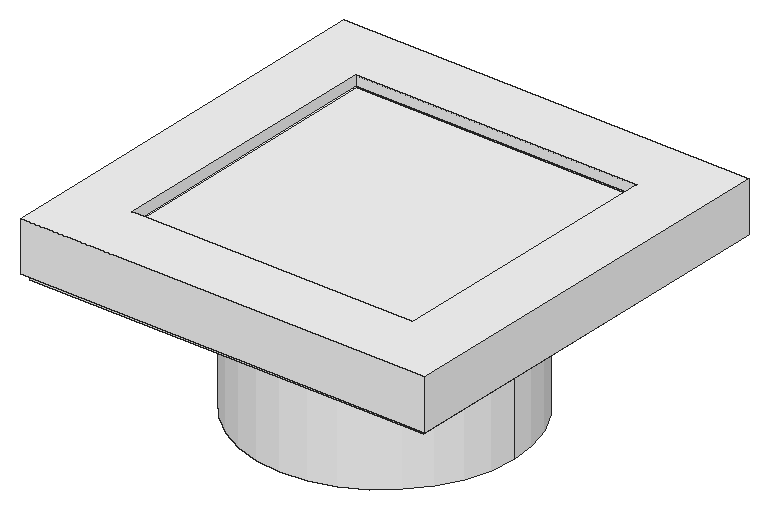
Revit family "Gira_291103", category Electrical Fixtures, host Face, Revit 2017
Family settings
  Host = Face
  Maintain Annotation Orientation = Yes
  Round Connector Dimension = Use Diameter
  Part Type = Normal
  Cut with Voids When Loaded = No
  Shared = No
  Room Calculation Point = No
Parameters (values of type "Abstelltaster System 55 Reinweiß")
  Zusammenstellung = "Basiselement"
  White [instance] = White
  Werkstoffgüte = "sonstige"
  Werkstoff = "sonstige"
  URL = "http://katalog.gira.de/de_DE/datenblatt.html?artikelnr=291103"
  Tasterfunktion = "Ruf abstellen"
  Tasterfarbe = "grün"
  Region = "DE"
  Name = "Abstelltaster System 55 Reinweiß"
  Model = "Sys55_Komplettgerät_Schalten und Tasten"
  Manufacturer URL = "https://www.gira.de/"
  HeinzeBIM = "https://bimportal.heinze.de/bim/abstelltaster-system-55-reinweiss/fc8e2a9a70b1a4b7ec980a0c2c116c29a329a81e"
  HAN = "291103"
  Geeignet für = "Ruf"
  GTIN = "4010337062349"
  Farbe = "weiß"
  Default Elevation = 1219.2 mm
  Data sheet (1) = "https://katalog.gira.de/de_DE/download.html?artikelnr=291103"
  Category = "Ruf-, Bedienervorrichtung Klinikinstallation"
  Busfähig = "2-Draht"
  Bedienung = "Taste"
  Bauart = "Wandgerät"
  Available = "Yes"
  Art der Spannungsversorgung = "Bus-System"
Reference planes
  plane 1 "Center (Front/Back)": y = 0
  plane 2: z = 0
  plane 3 "Center (Left/Right)": x = 0
Forms (mm)
  Extrusion 1, solid, material "White" <- "White", detail levels medium
    sketch origin (0, 0, 0) x (1, 0, 0) y (0, 1, 0)
      loop
        line (-40.4, 40.4) -> (-40.4, -40.4) -> (40.4, -40.4) -> (40.4, 40.4) -> (-40.4, 40.4)
      loop
        line (-28, 28) -> (-28, -28) -> (28, -28) -> (28, 28) -> (-28, 28)
    from 0 to 10
  Extrusion 2, solid, material "White" <- "White", detail levels fine
    sketch origin (0, 0, 0) x (1, 0, 0) y (0, 1, 0)
      loop
        line (-40.4, 40.4) -> (-40.4, -40.4) -> (40.4, -40.4) -> (40.4, 40.4) -> (-40.4, 40.4)
      loop
        line (-28, 28) -> (-28, -28) -> (28, -28) -> (28, 28) -> (-28, 28)
    from 0 to 10
  Extrusion 3, void
    sketch origin (0, 0, 0) x (1, 0, 0) y (0, 1, 0)
      loop
        line (-38.4, 38.4) -> (-38.4, -38.4) -> (38.4, -38.4) -> (38.4, 38.4) -> (-38.4, 38.4)
    from 0 to 8
  Extrusion 4, solid, material "White" <- "White", detail levels medium+fine
    sketch origin (0, 0, 0) x (1, 0, 0) y (0, 1, 0)
      loop
        line (-39.4, 39.4) -> (-39.4, -39.4) -> (39.4, -39.4) -> (39.4, 39.4) -> (-39.4, 39.4)
    from 0 to -1
  Extrusion 5, solid, material "White" <- "White", detail levels medium+fine
    sketch origin (0, 0, 0) x (1, 0, 0) y (0, 1, 0)
      loop
        line (-35.5, 35.5) -> (-35.5, -35.5) -> (35.5, -35.5) -> (35.5, 35.5) -> (-35.5, 35.5)
    from -2 to -3
  Extrusion 6, solid, material "White" <- "White", detail levels medium+fine
    sketch origin (0, 0, 0) x (1, 0, 0) y (0, 1, 0)
      loop
        circle (0, 0) r 26
    from 0 to -27.5
  Extrusion 7, solid, material "White" <- "White", detail levels coarse
    sketch origin (0, 0, 0) x (1, 0, 0) y (0, 1, 0)
      loop
        line (-40.4, 40.4) -> (-40.4, -40.4) -> (40.4, -40.4) -> (40.4, 40.4) -> (-40.4, 40.4)
    from -27.5 to 10
Cuts and joins
  Extrusion 3 cuts Extrusion 2
Dimensions and locks
  aligned and locked: plane 2 to host face
  aligned and locked: level to host face
  aligned and locked: plane 3 "Center (Left/Right)" to nested 2
  aligned and locked: plane 1 "Center (Front/Back)" to nested 2
Nested families
  nested 1: "Sys55_Abdeckung_Schalten und Tasten_floor_base" at (0, 0, 0), type "Sys55_Abdeckung_Schalten und Tasten_floor_base"
  nested 2: "Schalter" at (0, 0, 0), type "Schalter"
Connectors
  electrical at (0, 0, -27.5)
    settings: on Extrusion 6, index 1, voltage 220 V, apparent load 0 VA, apparent load phase1 0 VA, apparent load phase2 0 VA, apparent load phase3 0 VA, power factor 1, load classification "Other", number of poles 1, system type 30, power factor state 1, is connector primary yes, connector utility no, sub classification motor no, connector description ""
Definition of nested family "Sys55_Abdeckung_Schalten und Tasten_floor_base"
  Parameters
    Default Elevation = 1219.2 mm
    White [instance] = none
  Reference planes
    plane 1 "Center (Front/Back)": y = 0
    plane 2: z = 0
    plane 3 "Center (Left/Right)": x = 0
  Forms (mm)
    Extrusion 1, solid
      sketch origin (0, 0, 0) x (1, 0, 0) y (0, 1, 0)
        loop
          line (-1219.2, 1219.2) -> (-1219.2, -1219.2) -> (1219.2, -1219.2) -> (1219.2, 1219.2) -> (-1219.2, 1219.2)
      from 0 to -304.8
    Extrusion 2, solid, material <- "White", detail levels fine
      sketch origin (0, 0, 0) x (1, 0, 0) y (0, 1, 0)
        loop
          line (-27.5, 27.5) -> (-27.5, -27.5) -> (27.5, -27.5) -> (27.5, 27.5) -> (-27.5, 27.5)
      from 0 to 8
    Extrusion 3, void
      sketch origin (0, 0, 0) x (1, 0, 0) y (0, 1, 0)
        loop
          line (26, 26) -> (-26, 26) -> (-26, -26) -> (26, -26) -> (26, 26)
      from 0 to 6
    Extrusion 4, solid, material <- "White", detail levels medium
      sketch origin (0, 0, 0) x (1, 0, 0) y (0, 1, 0)
        loop
          line (-27.5, 27.5) -> (-27.5, -27.5) -> (27.5, -27.5) -> (27.5, 27.5) -> (-27.5, 27.5)
      from 0 to 8
    Extrusion 5, solid, material <- "White", detail levels medium
      sketch origin (0, 0, 0) x (1, 0, 0) y (0, 1, 0)
        loop
          line (11, -17.5) -> (11, 17.5) -> (-11, 17.5) -> (-11, -17.5) -> (11, -17.5)
      from -6 to 6
    Extrusion 6, solid, material <- "White", detail levels fine
      sketch origin (0, 0, 0) x (1, 0, 0) y (0, 1, 0)
        loop
          line (11, 17.5) -> (-11, 17.5) -> (-11, 16.5) -> (11, 16.5) -> (11, 17.5)
        loop
          line (-11, -16.5) -> (-11, -17.5) -> (11, -17.5) -> (11, -16.5) -> (-11, -16.5)
      from -4 to 6
    Extrusion 7, solid, material <- "White", detail levels fine
      sketch origin (0, 0, 0) x (1, 0, 0) y (0, 1, 0)
        loop
          arc (5, 9.347) -> (0, 10.6) -> (-5, 9.347) r 10.6
          line (-5, 9.347) -> (-5, -9.347)
          arc (-5, -9.347) -> (0, -10.6) -> (5, -9.347) r 10.6
          line (5, -9.347) -> (5, 9.347)
      from -6 to 6
    Extrusion 8, solid, material <- "White", detail levels coarse
      sketch origin (0, 0, 0) x (1, 0, 0) y (0, 1, 0)
        loop
          line (-27.5, 27.5) -> (-27.5, -27.5) -> (27.5, -27.5) -> (27.5, 27.5) -> (-27.5, 27.5)
      from -6 to 8
  Cuts and joins
    Extrusion 3 cuts Extrusion 2
  Dimensions and locks
    aligned and locked: plane 2 to Extrusion 1
    aligned and locked: level to Extrusion 1
Definition of nested family "Schalter"
  Reference planes
    plane 1: y = 0
    plane 2: x = 0
  Lines and regions (mm)
    detail lines
      curve 1: circle (1.375, 2.778, 0) r 0.8 normal (0, 0, 1)
      curve 2: line (1.021, 2.061, 0) -> (0, 0, 0)
      curve 3: line (0, 0, 0) -> (-0.538, 0.266, 0)
  Dimensions and locks
    curve 2 to curve 2 = 2.3 mm
    curve 3 to curve 2 = 0.6 mm
    radius of curve 1 = 0.8 mm
